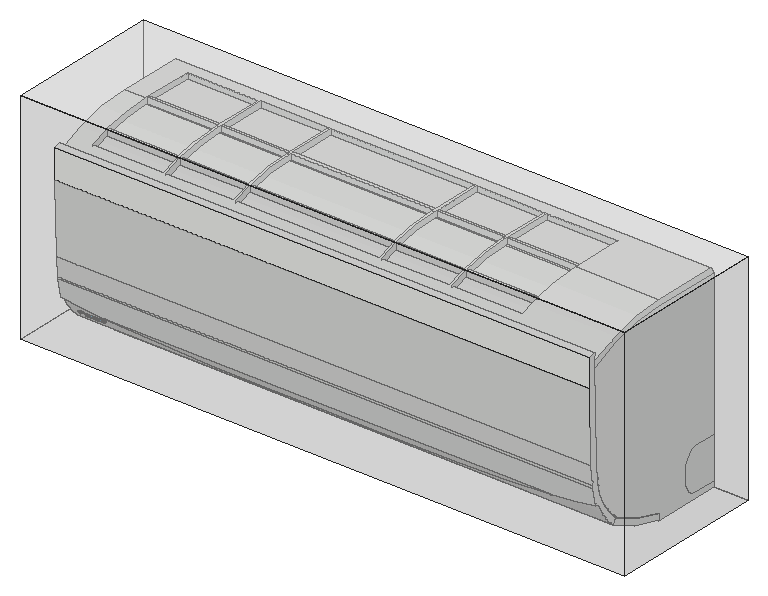
Revit family "outputfile", category 機械設備, Revit 2024 (continued)
Definition of nested family "DAIKIN_indoorunit_CTXM-RVMA"
  Automatic sketch dimensions
    Extrusion 40 sketch curve to Extrusion 40 sketch curve = 27.098 mm
    Extrusion 40 sketch curve to Extrusion 40 sketch curve = 26.148 mm
    Extrusion 40 sketch curve to Extrusion 40 sketch curve = 20.648 mm
    Extrusion 40 sketch curve to Extrusion 40 sketch curve = 1.494 mm  (x2)
    plane 1 "Center (Front/Back)" to Extrusion 40 sketch curve = 207.897 mm
    Extrusion 40 sketch curve to Extrusion 40 sketch curve = 0.026 mm  (x2)
    Extrusion 40 sketch curve to Extrusion 40 sketch curve = 0.13 mm
    plane 3 "Center (Left/Right)" to Extrusion 41 sketch curve = 428.371 mm
    Extrusion 41 sketch curve to Extrusion 41 sketch curve = 2.804 mm  (x2)
    Extrusion 41 sketch curve to Extrusion 41 sketch curve = 0.364 mm  (x2)
    Extrusion 41 sketch curve to Extrusion 41 sketch curve = 0.689 mm  (x2)
    Extrusion 41 sketch curve to Extrusion 41 sketch curve = 10.959 mm  (x2)
    plane 3 "Center (Left/Right)" to Extrusion 41 sketch curve = 111.098 mm
    Extrusion 41 sketch curve to Extrusion 41 sketch curve = 3.0 mm  (x5)
    Extrusion 41 sketch curve to Extrusion 41 sketch curve = 0.0 mm  (x9)
    Extrusion 41 sketch curve to Extrusion 41 sketch curve = 13.0 mm  (x2)
    Extrusion 41 sketch curve to plane 3 "Center (Left/Right)" = 214.402 mm
    Extrusion 41 sketch curve to Extrusion 41 sketch curve = 302.152 mm
    plane 1 "Center (Front/Back)" to Extrusion 41 sketch curve = 235.15 mm
    plane 1 "Center (Front/Back)" to Extrusion 41 sketch curve = 227.2 mm
    plane 1 "Center (Front/Back)" to Extrusion 41 sketch curve = 223.0 mm  (x2)
    Extrusion 41 sketch curve to Extrusion 41 sketch curve = 14.948 mm  (x2)
    Extrusion 41 sketch curve to Extrusion 41 sketch curve = 16.448 mm  (x2)
    Extrusion 41 sketch curve to Extrusion 41 sketch curve = 4.2 mm  (x2)
    Extrusion 41 sketch curve to Extrusion 41 sketch curve = 4.5 mm  (x4)
    Extrusion 41 sketch curve to Extrusion 41 sketch curve = 7.0 mm
    Extrusion 41 sketch curve to Extrusion 41 sketch curve = 0.95 mm
    Extrusion 41 sketch curve to Extrusion 41 sketch curve = 7.95 mm
    Extrusion 41 sketch curve to Extrusion 41 sketch curve = 13.5 mm
    Extrusion 41 sketch curve to Extrusion 41 sketch curve = 1.494 mm  (x2)
    plane 1 "Center (Front/Back)" to Extrusion 41 sketch curve = 207.897 mm
    Extrusion 41 sketch curve to Extrusion 41 sketch curve = 0.026 mm  (x2)
    Extrusion 41 sketch curve to Extrusion 41 sketch curve = 0.13 mm
    plane 1 "Center (Front/Back)" to Extrusion 42 sketch curve = 286.4 mm
    Extrusion 42 sketch curve to Extrusion 42 sketch curve = 41.2 mm
    Extrusion 42 sketch curve to Extrusion 42 sketch curve = 37.303 mm
    Extrusion 42 sketch curve to Extrusion 42 sketch curve = 1.344 mm
    Extrusion 42 sketch curve to level = 46.098 mm
    Extrusion 42 sketch curve to Extrusion 42 sketch curve = 10.921 mm
    Extrusion 42 sketch curve to Extrusion 42 sketch curve = 1.176 mm
    Extrusion 42 sketch curve to Extrusion 42 sketch curve = 19.311 mm
    plane 1 "Center (Front/Back)" to Extrusion 43 sketch curve = 58.306 mm
    plane 3 "Center (Left/Right)" to Extrusion 43 sketch curve = 425.0 mm
    Extrusion 43 sketch curve to Extrusion 43 sketch curve = 0.0 mm  (x217)
    Extrusion 43 sketch curve to Extrusion 43 sketch curve = 77.703 mm
    Extrusion 43 sketch curve to Extrusion 43 sketch curve = 3.0 mm  (x44)
    Extrusion 43 sketch curve to Extrusion 43 sketch curve = 78.2 mm  (x6)
    Extrusion 43 sketch curve to Extrusion 43 sketch curve = 0.5 mm  (x2)
    plane 3 "Center (Left/Right)" to Extrusion 43 sketch curve = 102.848 mm
    Extrusion 43 sketch curve to Extrusion 43 sketch curve = 2.5 mm  (x20)
    plane 3 "Center (Left/Right)" to Extrusion 43 sketch curve = 21.798 mm  (x9)
    Extrusion 43 sketch curve to Extrusion 43 sketch curve = 79.05 mm
    Extrusion 43 sketch curve to Extrusion 43 sketch curve = 78.55 mm  (x2)
    plane 1 "Center (Front/Back)" to Extrusion 43 sketch curve = 27.8 mm  (x11)
    Extrusion 43 sketch curve to Extrusion 43 sketch curve = 73.897 mm
    Extrusion 43 sketch curve to Extrusion 43 sketch curve = 27.894 mm  (x6)
    Extrusion 43 sketch curve to Extrusion 43 sketch curve = 2.611 mm  (x32)
    Extrusion 43 sketch curve to Extrusion 43 sketch curve = 25.389 mm  (x5)
    Extrusion 43 sketch curve to Extrusion 43 sketch curve = 21.389 mm  (x6)
    Extrusion 43 sketch curve to Extrusion 43 sketch curve = 18.388 mm  (x6)
    Extrusion 43 sketch curve to Extrusion 43 sketch curve = 2.616 mm  (x11)
    Extrusion 43 sketch curve to Extrusion 43 sketch curve = 13.376 mm  (x9)
    Extrusion 43 sketch curve to Extrusion 43 sketch curve = 2.639 mm  (x11)
    Extrusion 43 sketch curve to Extrusion 43 sketch curve = 11.35 mm  (x6)
    Extrusion 43 sketch curve to Extrusion 43 sketch curve = 2.664 mm  (x12)
    Extrusion 43 sketch curve to Extrusion 43 sketch curve = 8.331 mm  (x6)
    Extrusion 43 sketch curve to Extrusion 43 sketch curve = 2.676 mm  (x10)
    Extrusion 43 sketch curve to Extrusion 43 sketch curve = 8.318 mm  (x8)
    Extrusion 43 sketch curve to Extrusion 43 sketch curve = 2.69 mm  (x10)
    Extrusion 43 sketch curve to Extrusion 43 sketch curve = 7.303 mm  (x7)
    Extrusion 43 sketch curve to Extrusion 43 sketch curve = 2.705 mm  (x11)
    Extrusion 43 sketch curve to Extrusion 43 sketch curve = 7.138 mm  (x7)
  Nested families
    nested 1: "daikin_logo_plane_w40" at (-320, -198.871, -233.244) x (1, 0, 0) z (0, -0.7841, -0.6206), visible <- "switch_unit1_20-46", type "daikin_logo_plane_w40"
      with show_logo yes
    nested 2: "daikin_logo_plane_w40" at (-430, -237.74, -233.244) x (1, 0, 0) z (0, -0.7841, -0.6206), visible <- "switch_unit1_50-71", type "daikin_logo_plane_w40"
      with show_logo yes
    nested 3: "daikin_logo_plane_w40" at (-527, -258.836, -65) x (1, 0, 0) z (0, -0.9998, -0.0188), visible <- "switch_unit1_85-95", type "daikin_logo_plane_w40"
      with show_logo yes
  Definition of nested family "daikin_logo_plane_w40"
    Parameters (values of type "daikin_logo_plane_w40")
      width = 40.0 mm
      show_logo [instance] = yes
      material = none
      height = 0.0 mm
      depth = 0.0 mm
      Default Elevation = 1219.2 mm
    Reference planes
      plane 1 "Center (Front/Back)": y = 0
      plane 2: z = 0
      plane 3 "Center (Left/Right)": x = 0
      plane 4: z = 2
      plane 5 "left": x = -19
      plane 6: x = 19
    Forms (mm)
      Extrusion 1, solid, visible <- "show_logo"
        sketch origin (-19, 0, 0) x (1, 0, 0) y (0, 1, 0)
          loop
            line (8.902, -1.878) -> (7.789, -6.332) -> (11.13, -6.332)
            arc (11.13, -6.332) -> (12.454, -6.064) -> (13.472, -5.176) r 2.642
            arc (13.472, -5.176) -> (13.92, -4.02) -> (13.767, -2.79) r 2.537
            arc (13.767, -2.79) -> (13.452, -2.342) -> (12.982, -2.06) r 1.321
            arc (12.982, -2.06) -> (12.063, -1.902) -> (11.13, -1.878) r 6.479
            line (11.13, -1.878) -> (8.902, -1.878)
          loop
            line (10.016, -5.441) -> (10.907, -5.441)
            arc (10.907, -5.441) -> (11.591, -4.983) -> (11.988, -4.261) r 1.742
            spline (11.988, -4.261) -> (12.01, -4.155) -> (12.027, -4.03) -> (12.037, -3.893) -> (12.037, -3.747) -> (12.026, -3.598) -> (12.002, -3.451) -> (11.962, -3.31) -> (11.905, -3.181) -> (11.829, -3.069) -> (11.731, -2.978) -> (11.61, -2.913) -> (11.464, -2.88)
            line (11.464, -2.88) -> (10.573, -2.88) -> (10.016, -5.441)
          loop
            line (13.58, -6.332) -> (14.805, -6.332) -> (15.223, -5.553) -> (16.977, -5.553) -> (17.144, -6.332) -> (19.149, -6.332) -> (18.258, -1.878) -> (16.03, -1.878) -> (13.58, -6.332)
          loop
            line (16.476, -3.214) -> (15.76, -4.551) -> (16.762, -4.551) -> (16.476, -3.214)
          loop
            line (19.705, -6.332) -> (21.599, -6.332) -> (22.712, -1.878) -> (20.819, -1.878) -> (19.705, -6.332)
          loop
            line (22.712, -6.332) -> (24.606, -6.332) -> (24.908, -5.122) -> (25.831, -6.332) -> (28.17, -6.332) -> (26.388, -3.994) -> (28.949, -1.878) -> (26.945, -1.878) -> (25.401, -3.153) -> (25.719, -1.878) -> (23.826, -1.878) -> (22.712, -6.332)
          loop
            line (29.84, -1.878) -> (28.615, -6.332) -> (30.62, -6.332) -> (31.734, -1.878) -> (29.84, -1.878)
          loop
            line (31.734, -6.332) -> (33.07, -6.332) -> (33.7, -3.814) -> (34.518, -6.332) -> (36.745, -6.332) -> (37.859, -1.878) -> (36.523, -1.878) -> (35.845, -4.589) -> (34.963, -1.878) -> (32.847, -1.878) -> (31.734, -6.332)
        from 0 to 2
      Extrusion 2, solid, visible <- "show_logo"
        sketch origin (-19, 0, 0) x (1, 0, 0) y (0, 1, 0)
          loop
            line (8.7, 0) -> (4.235, 0) -> (0, -3.879) -> (0, -8) -> (8.7, 0)
        from 0 to 2
      Extrusion 3, solid, visible <- "show_logo"
        sketch origin (-19, 0, 0) x (1, 0, 0) y (0, 1, 0)
          loop
            line (0, 0) -> (0, -3.879) -> (4.235, 0) -> (0, 0)
        from 0 to 2
    Dimensions and locks
      plane 4 to plane 2 = 2.0 mm
      equal spacing: plane 5 "left", plane 3 "Center (Left/Right)", plane 6
      locked: plane 5 "left" to plane 6 at 38
      aligned and locked: level to plane 2
      aligned and locked: Extrusion 3 to plane 1 "Center (Front/Back)"  (x2)
      aligned and locked: Extrusion 2 to plane 1 "Center (Front/Back)"  (x2)
      aligned and locked: plane 4 to Extrusion 1
      aligned and locked: plane 4 to Extrusion 3
      aligned and locked: plane 4 to Extrusion 2
      aligned and locked: Extrusion 3 to plane 5 "left"
      aligned and locked: Extrusion 2 to plane 5 "left"
    Automatic sketch dimensions
      Extrusion 1 sketch curve to Extrusion 1 sketch curve = 0.901 mm
      Extrusion 1 sketch curve to Extrusion 1 sketch curve = 1.559 mm
      Extrusion 1 sketch curve to Extrusion 1 sketch curve = 1.327 mm
      Extrusion 1 sketch curve to Extrusion 1 sketch curve = 2.145 mm
      Extrusion 1 sketch curve to Extrusion 1 sketch curve = 1.448 mm
      Extrusion 1 sketch curve to Extrusion 1 sketch curve = 2.116 mm
      Extrusion 1 sketch curve to Extrusion 1 sketch curve = 1.114 mm  (x4)
      Extrusion 1 sketch curve to Extrusion 1 sketch curve = 1.336 mm  (x2)
      plane 1 "Center (Front/Back)" to Extrusion 1 sketch curve = 1.878 mm  (x5)
      Extrusion 1 sketch curve to Extrusion 1 sketch curve = 1.893 mm  (x5)
      Extrusion 1 sketch curve to Extrusion 1 sketch curve = 0.891 mm  (x4)
      Extrusion 1 sketch curve to Extrusion 1 sketch curve = 2.005 mm  (x3)
      Extrusion 1 sketch curve to Extrusion 1 sketch curve = 0.445 mm  (x2)
      plane 1 "Center (Front/Back)" to Extrusion 1 sketch curve = 3.994 mm
      Extrusion 1 sketch curve to Extrusion 1 sketch curve = 0.557 mm  (x2)
      Extrusion 1 sketch curve to Extrusion 1 sketch curve = 2.339 mm  (x2)
      Extrusion 1 sketch curve to Extrusion 1 sketch curve = 1.225 mm  (x3)
      plane 1 "Center (Front/Back)" to Extrusion 1 sketch curve = 3.153 mm
      Extrusion 1 sketch curve to Extrusion 1 sketch curve = 0.987 mm
      plane 1 "Center (Front/Back)" to Extrusion 1 sketch curve = 5.122 mm
      Extrusion 1 sketch curve to Extrusion 1 sketch curve = 0.922 mm
      plane 1 "Center (Front/Back)" to Extrusion 1 sketch curve = 6.332 mm
      Extrusion 1 sketch curve to Extrusion 1 sketch curve = 2.562 mm
      plane 1 "Center (Front/Back)" to Extrusion 1 sketch curve = 5.553 mm
      Extrusion 1 sketch curve to Extrusion 1 sketch curve = 0.167 mm
      Extrusion 1 sketch curve to Extrusion 1 sketch curve = 0.215 mm
      plane 1 "Center (Front/Back)" to Extrusion 1 sketch curve = 3.214 mm
      Extrusion 1 sketch curve to Extrusion 1 sketch curve = 0.286 mm
      plane 1 "Center (Front/Back)" to Extrusion 1 sketch curve = 4.551 mm
      Extrusion 1 sketch curve to Extrusion 1 sketch curve = 1.002 mm
      Extrusion 1 sketch curve to Extrusion 1 sketch curve = 0.537 mm
      Extrusion 1 sketch curve to Extrusion 1 sketch curve = 0.418 mm
      Extrusion 1 sketch curve to Extrusion 1 sketch curve = 1.028 mm
      plane 1 "Center (Front/Back)" to Extrusion 1 sketch curve = 4.261 mm
      Extrusion 1 sketch curve to Extrusion 1 sketch curve = 0.563 mm
      plane 1 "Center (Front/Back)" to Extrusion 1 sketch curve = 2.88 mm
      Extrusion 1 sketch curve to Extrusion 1 sketch curve = 1.088 mm
      Extrusion 1 sketch curve to Extrusion 1 sketch curve = 2.152 mm
      Extrusion 1 sketch curve to Extrusion 1 sketch curve = 0.586 mm
      Extrusion 1 sketch curve to Extrusion 1 sketch curve = 0.118 mm
      Extrusion 1 sketch curve to Extrusion 1 sketch curve = 0.298 mm
      Extrusion 1 sketch curve to Extrusion 1 sketch curve = 0.334 mm
      Extrusion 1 sketch curve to Extrusion 1 sketch curve = 0.223 mm
      Extrusion 1 sketch curve to Extrusion 1 sketch curve = 0.266 mm
      Extrusion 1 sketch curve to Extrusion 1 sketch curve = 1.671 mm
      Extrusion 1 sketch curve to Extrusion 1 sketch curve = 2.227 mm
      Extrusion 1 sketch curve to Extrusion 1 sketch curve = 0.0 mm  (x7)
      Extrusion 1 sketch curve to Extrusion 1 sketch curve = 3.453 mm
      Extrusion 1 sketch curve to Extrusion 1 sketch curve = 2.017 mm
      Extrusion 1 sketch curve to Extrusion 1 sketch curve = 0.78 mm  (x2)
      Extrusion 1 sketch curve to Extrusion 1 sketch curve = 1.743 mm
      Extrusion 1 sketch curve to Extrusion 1 sketch curve = 0.775 mm
      Extrusion 1 sketch curve to Extrusion 1 sketch curve = 0.552 mm
      Extrusion 1 sketch curve to Extrusion 1 sketch curve = 0.014 mm
      Extrusion 1 sketch curve to Extrusion 1 sketch curve = 0.952 mm
      Extrusion 1 sketch curve to Extrusion 1 sketch curve = 1.215 mm
      Extrusion 1 sketch curve to Extrusion 1 sketch curve = 0.108 mm
      plane 1 "Center (Front/Back)" to Extrusion 2 sketch curve = 0.0 mm
      Extrusion 2 sketch curve to plane 3 "Center (Left/Right)" = 19.0 mm
      Extrusion 2 sketch curve to plane 3 "Center (Left/Right)" = 14.765 mm
      Extrusion 2 sketch curve to Extrusion 2 sketch curve = 4.465 mm
      plane 1 "Center (Front/Back)" to Extrusion 2 sketch curve = 3.879 mm
      Extrusion 2 sketch curve to Extrusion 2 sketch curve = 4.12 mm
      plane 1 "Center (Front/Back)" to Extrusion 3 sketch curve = 0.0 mm
      Extrusion 3 sketch curve to plane 3 "Center (Left/Right)" = 19.0 mm
      Extrusion 3 sketch curve to plane 3 "Center (Left/Right)" = 14.765 mm
      plane 1 "Center (Front/Back)" to Extrusion 3 sketch curve = 3.879 mm
      Extrusion 1 sketch curve to plane 3 "Center (Left/Right)" = 11.211 mm
      Extrusion 1 sketch curve to Extrusion 1 sketch curve = 1.782 mm
Definition of nested family "daikin_connector_rotate3"
  Parameters (values of type "daikin_connector_rotate3")
    show [instance] = yes
    radius [instance] = 10.0 mm
    length [instance] = 600.0 mm
    angle_horizontal [instance] = 60.00°
    angle_vertical [instance] = 90.00°
    Default Elevation = 1219.2 mm
  Reference planes
    plane 1 "Center (Front/Back)": y = 0
    plane 2: z = 0
    plane 3 "Center (Left/Right)": x = 0
  Dimensions and locks
    "angle_horizontal": angle plane 3 "Center (Left/Right)" to nested 1
    aligned and locked: level to plane 2
    aligned and locked: plane 1 "Center (Front/Back)" to nested 1  (x2)
    aligned and locked: plane 3 "Center (Left/Right)" to nested 1
  Nested families
    nested 1: "daikin_connector_rotate2" at (0, 0, 0) x (0.5, 0.866, 0) z (0, 0, 1), angle_vertical <- "angle_vertical", length <- "length", radius <- "radius", type "daikin_connector_rotate2"
      with radius 10.0 mm, length 600.0 mm, angle_vertical 90.00°
  Definition of nested family "daikin_connector_rotate2"
    Parameters (values of type "daikin_connector_rotate2")
      show_face = yes
      radius [instance] = 10.0 mm
      length [instance] = 600.0 mm
      d_surface = 10.0 mm
      angle_vertical [instance] = 90.00°
      Default Elevation = 0.0 mm
    Reference planes
      plane 1 "Center (Front/Back)": y = 0
      plane 2: z = 0
      plane 3 "Center (Left/Right)": x = 0
    Forms (mm)
      Extrusion 1, solid, visible <- "show_face"
        sketch origin (0, -600, 0) x (1, 0, 0) y (0, 0, 1)
          loop
            circle (0, 0) r 10
        from 0 to -10
    Lines and regions (mm)
      reference lines
        curve 1: line (0, 0, 0) -> (0, -600, 0)
      symbolic lines
        curve 2: circle (0, 0, 0) r 5 normal (0, 0, 1)
      model lines, visible <- "show_face"
        curve 3: line (0, 0, 0) -> (0, -600, 0)
    Dimensions and locks
      "length": curve 1 to curve 1
      "length": curve 3 to curve 3
      "d_surface": Extrusion 1 to Extrusion 1
      "radius": radius of Extrusion 1 sketch curve
      "angle_vertical": angle curve 1 to plane 1 "Center (Front/Back)"
      "angle_vertical": angle curve 3 to plane 1 "Center (Front/Back)"
      aligned and locked: level to plane 2
      aligned and locked: plane 1 "Center (Front/Back)" to curve 1
      aligned and locked: plane 2 to curve 1
      aligned and locked: plane 1 "Center (Front/Back)" to curve 2
      aligned and locked: plane 3 "Center (Left/Right)" to curve 2
      aligned and locked: plane 1 "Center (Front/Back)" to curve 3
      aligned and locked: plane 2 to curve 3
      aligned and locked: Extrusion 1 to Extrusion 1
    Automatic sketch dimensions
      Extrusion 1 sketch curve to level = 0.0 mm
      Extrusion 1 sketch curve to plane 3 "Center (Left/Right)" = 0.0 mm
      radius of curve 2 = 5.0 mm
